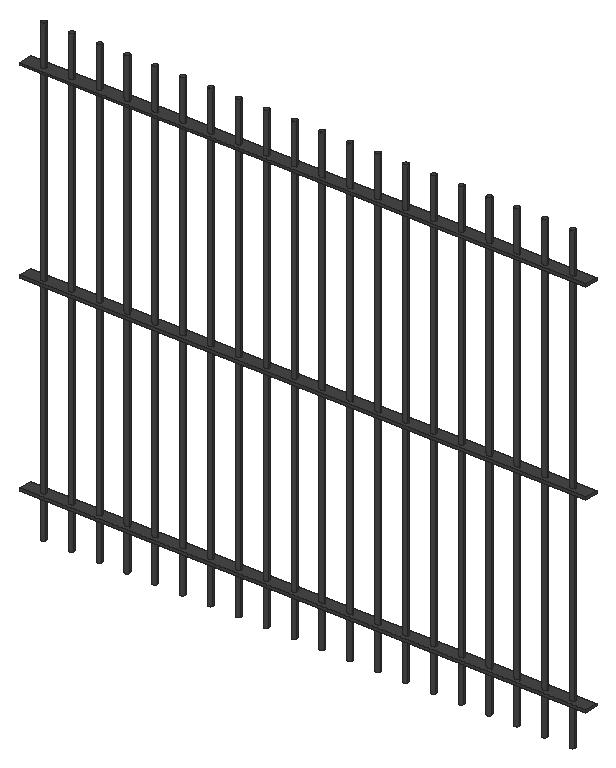
Revit family
Parameters
  Wrap Layers (Int) from Ext = 177.5 mm
  Wrap Layers (Ext) from Ext = 102.5 mm
  Width = 1770.0 mm
  Rough Width = Width  # 1770.0 mm
  Rough Height = Height  # 1500.0 mm
  Rail Offset - Top = 150.0 mm
  Rail Thickness = 8.0 mm
  Rail Depth = 40.0 mm
  Operation = "UserDefined"
  No of Rails = 3
  No of Balusters [instance] = 20
  Material - Grill Bars = Metal - Cast Iron
  Manufacturer = "Revit"
  Wall Closure = (empty or 0)
  Keynote = "L"
  Height = 1500.0 mm
  Grill Offset - External = 75.0 mm
  Default Head Height = 2110.0 mm
  Rail Offset - Bttm = 150.0 mm
  Baluster Offset Top = 25.0 mm
  Baluster Offset Sides = 50.0 mm
  Baluster Height = Height - (Baluster Offset Bttm + Baluster Offset Top)  # 1450.0 mm
  Baluster Offset Bttm = 25.0 mm
  Baluster Diameter = 15.0 mm
  Arch Radius = 4000.0 mm
Reference planes
  plane 1: y = 0
  plane 2 "Left": x = -1455
  plane 3 "Right": x = 315
  plane 4 "Cill": z = 610
  plane 5 "Head": z = 2110
  plane 6 "Exterior": y = 158.457
  plane 7 "Interior": y = -141.543
  plane 8 "Face of Grill": y = 83.457
  plane 9 "Center (Left/Right)": x = -570
  plane 10: y = 55.957
  plane 11: z = 635
  plane 12: z = 2085
  plane 13: z = 760
  plane 14: z = 1960
  plane 15: y = -19.043
Lines and regions (mm)
  Opening 1
    outline origin (-5000, -141.543, 0) x (1, 0, 0) y (0, 0, 1)
      loop
        line (5315, 610) -> (5315, 2110)
        arc (5315, 2110) -> (4430, 2209.132) -> (3545, 2110) r 4000
        line (3545, 2110) -> (3545, 610) -> (5315, 610)
Text (mm)
  text "EXTERIOR" at (-1214.38, 532.162, 0), in view "Ref. Level"
  text "INTERIOR" at (-1415.209, -367.981, 0), in view "Ref. Level"
  text "Exterior" at (0, 923.751, 2943.296), in view "Right"
  text "Exterior" at (0, 1040.484, 2685.409), in view "Left"
Dimensions and locks
  equal spacing: plane 2 "Left", plane 9 "Center (Left/Right)", plane 3 "Right"
  "Width": plane 2 "Left" to plane 3 "Right"
  "Height": plane 4 "Cill" to plane 5 "Head"
  "Default Head Height": plane 5 "Head" to level
  locked: plane 6 "Exterior" to host wall at 0
  locked: plane 7 "Interior" to host wall
  "Grill Offset - External": plane 8 "Face of Grill" to plane 6 "Exterior"
  "Wrap Layers (Ext) from Ext": plane 10 to plane 6 "Exterior"
  "Baluster Offset Bttm": plane 4 "Cill" to plane 11
  "Baluster Offset Top": plane 12 to plane 5 "Head"
  "Rail Offset - Bttm": plane 4 "Cill" to plane 13
  equal spacing: group 1, group 3, group 4, group 5, group 6, group 7, group 8, group 9, group 10, group 11, group 12, group 13, group 14, group 15, group 16, group 17, group 18, group 19, group 20, group 2  (x3)
  "Baluster Offset Sides": nested 3 to plane 3 "Right"
  "Baluster Offset Sides": plane 2 "Left" to nested 2
  equal spacing: group 21, group 23, group 22  (x3)
  "Rail Offset - Top": plane 14 to plane 5 "Head"
  "Wrap Layers (Int) from Ext": plane 15 to plane 6 "Exterior"
  "Arch Radius": radius of Opening 1 sketch curve
  aligned and locked: plane 8 "Face of Grill" to nested 1
  aligned and locked: plane 13 to nested 1
  aligned and locked: plane 11 to nested 2
  aligned and locked: plane 8 "Face of Grill" to nested 2
  aligned and locked: plane 8 "Face of Grill" to nested 3
  aligned and locked: plane 11 to nested 3
  aligned and locked: plane 8 "Face of Grill" to nested 22
  aligned and locked: plane 3 "Right" to nested 22
  aligned and locked: nested 1 to plane 3 "Right"
  aligned and locked: plane 14 to nested 22
Automatic sketch dimensions
  Opening 1 sketch curve to plane 2 "Left" = 0.0 mm
  Opening 1 sketch curve to plane 3 "Right" = 0.0 mm
  Opening 1 sketch curve to plane 4 "Cill" = 0.0 mm
  Opening 1 sketch curve to plane 5 "Head" = 0.0 mm  (x2)
Nested families
  nested 1: "Wall Grill Support Rails" at (-623.731, 83.457, 760), type "Wall Grill Support Rails"
    with Width 1770.0 mm
  nested 2: "Wall Grill Balusters" at (-1451.231, 83.457, 635), type "Wall Grill Balusters"
    with Height 1450.0 mm
  nested 3: "Wall Grill Balusters" at (203.769, 83.457, 635), type "Wall Grill Balusters"
    with Height 1450.0 mm
  nested 4: "Wall Grill Balusters" at (-1364.126, 83.457, 635), type "Wall Grill Balusters"
    with Height 1450.0 mm
  nested 5: "Wall Grill Balusters" at (-1277.021, 83.457, 635), type "Wall Grill Balusters"
    with Height 1450.0 mm
  nested 6: "Wall Grill Balusters" at (-1189.915, 83.457, 635), type "Wall Grill Balusters"
    with Height 1450.0 mm
  nested 7: "Wall Grill Balusters" at (-1102.81, 83.457, 635), type "Wall Grill Balusters"
    with Height 1450.0 mm
  nested 8: "Wall Grill Balusters" at (-1015.705, 83.457, 635), type "Wall Grill Balusters"
    with Height 1450.0 mm
  nested 9: "Wall Grill Balusters" at (-928.6, 83.457, 635), type "Wall Grill Balusters"
    with Height 1450.0 mm
  nested 10: "Wall Grill Balusters" at (-841.494, 83.457, 635), type "Wall Grill Balusters"
    with Height 1450.0 mm
  nested 11: "Wall Grill Balusters" at (-754.389, 83.457, 635), type "Wall Grill Balusters"
    with Height 1450.0 mm
  nested 12: "Wall Grill Balusters" at (-667.284, 83.457, 635), type "Wall Grill Balusters"
    with Height 1450.0 mm
  nested 13: "Wall Grill Balusters" at (-580.178, 83.457, 635), type "Wall Grill Balusters"
    with Height 1450.0 mm
  nested 14: "Wall Grill Balusters" at (-493.073, 83.457, 635), type "Wall Grill Balusters"
    with Height 1450.0 mm
  nested 15: "Wall Grill Balusters" at (-405.968, 83.457, 635), type "Wall Grill Balusters"
    with Height 1450.0 mm
  nested 16: "Wall Grill Balusters" at (-318.863, 83.457, 635), type "Wall Grill Balusters"
    with Height 1450.0 mm
  nested 17: "Wall Grill Balusters" at (-231.757, 83.457, 635), type "Wall Grill Balusters"
    with Height 1450.0 mm
  nested 18: "Wall Grill Balusters" at (-144.652, 83.457, 635), type "Wall Grill Balusters"
    with Height 1450.0 mm
  nested 19: "Wall Grill Balusters" at (-57.547, 83.457, 635), type "Wall Grill Balusters"
    with Height 1450.0 mm
  nested 20: "Wall Grill Balusters" at (29.558, 83.457, 635), type "Wall Grill Balusters"
    with Height 1450.0 mm
  nested 21: "Wall Grill Balusters" at (116.664, 83.457, 635), type "Wall Grill Balusters"
    with Height 1450.0 mm
  nested 22: "Wall Grill Support Rails" at (-623.731, 83.457, 1952), type "Wall Grill Support Rails"
    with Width 1770.0 mm
  nested 23: "Wall Grill Support Rails" at (-623.731, 83.457, 1356), type "Wall Grill Support Rails"
    with Width 1770.0 mm
Definition of nested family "Wall Grill Support Rails"
  Parameters
    Width = 2399.3 mm
    Material = Metal - Cast Iron
    Bar Thickness = 8.0 mm
    Bar Depth = 40.0 mm
  Reference planes
    plane 1 "Center (Front/Back)": y = 0
    plane 2: z = 0
    plane 3 "Center (Left/Right)": x = 53.731
    plane 4: x = -1145.919
    plane 5: x = 1253.381
  Forms (mm)
    Extrusion 1, solid, material "Metal - Cast Iron" <- "Material"
      sketch origin (53.731, 0, 0) x (0, 1, 0) y (0, 0, 1)
        loop
          line (-20, 0) -> (20, 0) -> (20, 8) -> (-20, 8) -> (-20, 0)
      from -1199.65 to 1199.65
  Dimensions and locks
    equal spacing: plane 4, plane 3 "Center (Left/Right)", plane 5
    "Width": plane 4 to plane 5
    equal spacing: Extrusion 1 sketch curve, plane 1 "Center (Front/Back)", Extrusion 1 sketch curve
    "Bar Depth": Extrusion 1 sketch curve to Extrusion 1 sketch curve
    "Bar Thickness": Extrusion 1 sketch curve to Extrusion 1 sketch curve
    aligned and locked: Extrusion 1 to plane 5
    aligned and locked: plane 4 to Extrusion 1
  Automatic sketch dimensions
    Extrusion 1 sketch curve to level = 0.0 mm
Definition of nested family "Wall Grill Balusters"
  Parameters
    Height = 1200.0 mm
    Material = Metal - Cast Iron
    Baluster Radius = 7.5 mm
    Baluster Diameter = Baluster Radius * 2  # 15.0 mm
  Reference planes
    plane 1 "Center (Front/Back)": y = 0
    plane 2: z = 0
    plane 3 "Center (Left/Right)": x = 53.731
    plane 4: z = 1200
  Forms (mm)
    Extrusion 1, solid, material "Metal - Cast Iron" <- "Material"
      sketch origin (0, 0, 0) x (1, 0, 0) y (0, 1, 0)
        loop
          circle (53.731, 0) r 7.5
      from 0 to 1200
  Lines and regions (mm)
    symbolic lines, style "InvisibleLines"
      curve 1: line (53.731, 7.5, 0) -> (53.731, -7.5, 0)
  Dimensions and locks
    "Height": plane 4 to plane 2
    "Baluster Radius": radius of Extrusion 1 sketch curve
    aligned and locked: Extrusion 1 to plane 4
    aligned and locked: Extrusion 1 to level
    aligned: curve 1 to plane 3 "Center (Left/Right)"
  Automatic sketch dimensions
    Extrusion 1 sketch curve to plane 1 "Center (Front/Back)" = 0.0 mm
    Extrusion 1 sketch curve to plane 3 "Center (Left/Right)" = 0.0 mm
    curve 1 to plane 3 "Center (Left/Right)" = 0.0 mm
    plane 1 "Center (Front/Back)" to curve 1 = 7.5 mm
    curve 1 to plane 1 "Center (Front/Back)" = 7.5 mm
